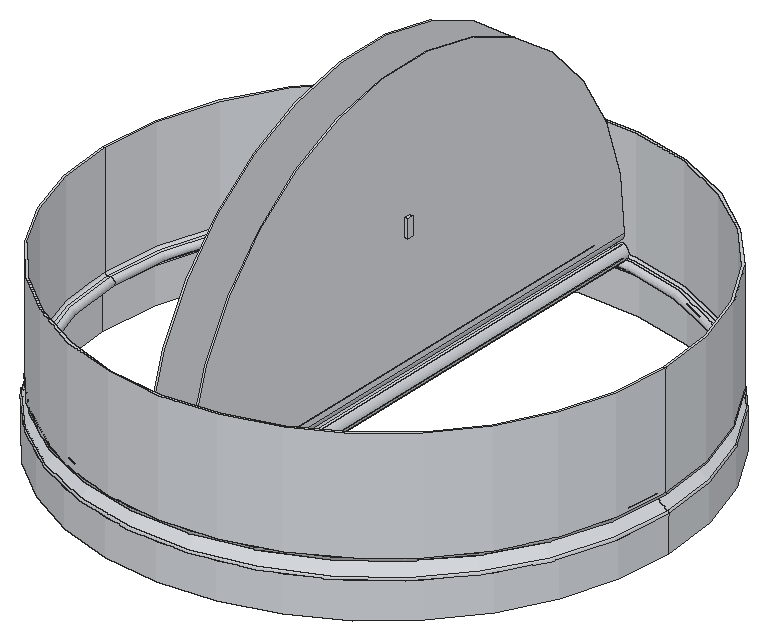
Revit family "C-RD", category Mechanical Equipment, Revit 2015
Parameters
  URL = "http://unitedenertech.com/catalog/pdf/P-92%20%20C-RD%20(-A).pdf-color.pdf"
  Type Comments = "Max. Size is (18\" Diameter)"
  Track Length [instance] = Exact Diameter - 0' 0 1/2"  # 0' - 11 1/2"
  Model = "C-RD, C-RD-A"
  Manufacturer = "United Enertech Corporation"
  Height = 0' - 3 1/2"
  Exact Diameter = 1' - 0"
  Description = "Round Ceiling Damper"
  Blade Height [instance] = Exact Diameter / 2 + 0' 0 1/2"  # 0' - 6 1/2"
Reference planes (in)
  plane 1 "Center (Front/Back)": y = 0
  plane 2: z = 0
  plane 3 "Center (Left/Right)": x = 0
  plane 4: x = -6
  plane 5: x = 6
  plane 6: z = 3.5
  plane 7: y = -5.75
  plane 8: y = 5.75
Forms (in)
  Revolve 1, solid
    sketch origin (0, 0, 0) x (1, 0, 0) y (0, 0, 1)
      loop
        line (6, 0) -> (6, 0.75322)
        arc (6, 0.75322) -> (5.99391, 0.78384) -> (5.97657, 0.80979) r 0.08
        line (5.97657, 0.80979) -> (5.74318, 0.98318)
        arc (5.74318, 0.98318) -> (5.73343, 1.03222) -> (5.775, 1.06) r 0.045
        line (5.775, 1.06) -> (5.855, 1.06)
        arc (5.855, 1.06) -> (5.9151, 1.0849) -> (5.94, 1.145) r 0.085
        line (5.94, 1.145) -> (5.94, 3.5) -> (5.9, 3.5) -> (5.9, 1.145)
        arc (5.9, 1.145) -> (5.88682, 1.11318) -> (5.855, 1.1) r 0.045
        line (5.855, 1.1) -> (5.775, 1.1)
        arc (5.775, 1.1) -> (5.69647, 1.04753) -> (5.7149, 0.9549) r 0.085
        line (5.7149, 0.9549) -> (5.94828, 0.78151)
        arc (5.94828, 0.78151) -> (5.95696, 0.76853) -> (5.96, 0.75322) r 0.04
        line (5.96, 0.75322) -> (5.96, 0) -> (6, 0)
      axis (0, 3.5) -> (0, 0)
    angle from 0 to 360
Dimensions and locks (in)
  equal spacing: plane 4, plane 3 "Center (Left/Right)", plane 5
  "Exact Diameter": plane 4 to plane 5
  "Height": plane 6 to level
  equal spacing: plane 8, plane 1 "Center (Front/Back)", plane 7
  "Track Length": plane 8 to plane 7
  aligned and locked: level to plane 2
  aligned and locked: plane 5 to Revolve 1 sketch curve
  aligned and locked: plane 1 "Center (Front/Back)" to nested 1
  aligned and locked: plane 1 "Center (Front/Back)" to nested 2
Automatic sketch dimensions
  Revolve 1 sketch curve to Revolve 1 sketch curve = 0' - 0"  (x6)
  Revolve 1 sketch curve to plane 3 "Center (Left/Right)" = 0' - 0"
  level to Revolve 1 sketch curve = 0' - 0.9549"
  plane 5 to Revolve 1 sketch curve = 0' - 0.2851"
  level to Revolve 1 sketch curve = 0' - 0.98318"
  Revolve 1 sketch curve to Revolve 1 sketch curve = 0' - 0.02828"  (x3)
  Revolve 1 sketch curve to Revolve 1 sketch curve = 0' - 0.03182"  (x2)
  Revolve 1 sketch curve to Revolve 1 sketch curve = 0' - 0.08"
  Revolve 1 sketch curve to Revolve 1 sketch curve = 0' - 0.045"
  Revolve 1 sketch curve to Revolve 1 sketch curve = 0' - 0.2051"
  level to Revolve 1 sketch curve = 0' - 0.78151"
  Revolve 1 sketch curve to Revolve 1 sketch curve = 0' - 0 3/256"
  level to Revolve 1 sketch curve = 0' - 0"
  Revolve 1 sketch curve to Revolve 1 sketch curve = 0' - 2.355"
  Revolve 1 sketch curve to level = 0' - 4 245/256"
  level to Revolve 1 sketch curve = 0' - 8 203/256"
Nested families (in)
  nested 1: "CRD Track" at (1.0397, 0, 1.07164) x (0, -1, 0) z (0, 0, 1), type "CRD Track"
    with Track Length 0' - 11 1/2"
  nested 2: "CRD Blades" at (-0.38995, 0, 1.57164), type "CRD Blades"
    with Radius 0' - 5 3/4", H1 0' - 2 7/8", Blade Height 0' - 6 1/4", Blade Length 0' - 11 1/2"
  nested 3: "CRD Blades" at (0.38995, 0, 1.57164) x (-1, 0, 0) z (0, 0, 1), type "CRD Blades"
    with Radius 0' - 5 3/4", H1 0' - 2 7/8", Blade Height 0' - 6 1/4", Blade Length 0' - 11 1/2"
Definition of nested family "CRD Track"
  Parameters (values of type "CRD Track")
    Track Length = 2' - 0"
  Reference planes (in)
    plane 1 "Center (Front/Back)": y = 0
    plane 2: z = 0
    plane 3 "Center (Left/Right)": x = 0
    plane 4: x = -12
    plane 5: x = 12
    plane 6: x = -12.0359
    plane 7: x = 12.0359
    plane 8: z = 0.5
    plane 9: y = -0.7897
    plane 10: y = -1.2897
    plane 11: x = 11.5
    plane 12: x = -11.5
  Forms (in)
    Extrusion 1, solid
      sketch origin (0, 2.51089, -1.29923) x (0, 1, 0) y (0, 0, 1)
        loop
          arc (-3.55059, 1.29923) -> (-3.30873, 1.30598) -> (-3.06763, 1.32622) r 4.33445
          arc (-3.06763, 1.32622) -> (-3.03891, 1.3374) -> (-3.01954, 1.36136) r 0.06
          arc (-3.01954, 1.36136) -> (-3.0102, 1.49991) -> (-3.09301, 1.61139) r 0.2008
          arc (-3.09301, 1.61139) -> (-3.14853, 1.61336) -> (-3.18187, 1.56892) r 0.06
          line (-3.18187, 1.56892) -> (-3.20309, 1.43923) -> (-3.16839, 1.43355) -> (-3.14717, 1.56324)
          arc (-3.14717, 1.56324) -> (-3.13377, 1.58144) -> (-3.11117, 1.58126) r 0.02484
          arc (-3.11117, 1.58126) -> (-3.04188, 1.48234) -> (-3.05816, 1.36268) r 0.16564
          arc (-3.05816, 1.36268) -> (-3.30397, 1.34146) -> (-3.55059, 1.33438) r 4.2993
          arc (-3.55059, 1.33438) -> (-3.79721, 1.34146) -> (-4.04302, 1.36268) r 4.2993
          arc (-4.04302, 1.36268) -> (-4.0593, 1.48234) -> (-3.99001, 1.58126) r 0.16564
          arc (-3.99001, 1.58126) -> (-3.9674, 1.58144) -> (-3.95401, 1.56324) r 0.02484
          line (-3.95401, 1.56324) -> (-3.93278, 1.43355) -> (-3.89809, 1.43923) -> (-3.91931, 1.56892)
          arc (-3.91931, 1.56892) -> (-3.95265, 1.61336) -> (-4.00817, 1.61139) r 0.06
          arc (-4.00817, 1.61139) -> (-4.09098, 1.49991) -> (-4.08164, 1.36136) r 0.2008
          arc (-4.08164, 1.36136) -> (-4.06226, 1.3374) -> (-4.03355, 1.32622) r 0.06
          arc (-4.03355, 1.32622) -> (-3.79245, 1.30598) -> (-3.55059, 1.29923) r 4.33445
      from -12 to 12
    Extrusion 2, solid
      sketch origin (2.39415, 1.36935, 0) x (1, 0, 0) y (0, 1, 0)
        loop
          line (-14.43005, -2.65905) -> (-14.39415, -2.65905) -> (-14.39415, -2.15905) -> (-14.43005, -2.15905) -> (-14.43005, -2.65905)
      from 0 to 0.5
    Extrusion 3, solid
      sketch origin (-2.39415, 1.36935, 0) x (-1, 0, 0) y (0, -1, 0)
        loop
          line (-14.43005, 2.65905) -> (-14.43005, 2.15905) -> (-14.39415, 2.15905) -> (-14.39415, 2.65905) -> (-14.43005, 2.65905)
      from 0 to 0.5
    Extrusion 4, solid
      sketch origin (0, 0, 0) x (0, 1, 0) y (0, 0, 1)
        loop
          line (-0.7897, 0.5) -> (-1.2897, 0.5) -> (-1.2897, 0.4641) -> (-0.7897, 0.4641) -> (-0.7897, 0.5)
      from 11.5 to 12
    Extrusion 5, solid
      sketch origin (0, 0, 0) x (0, 1, 0) y (0, 0, -1)
        loop
          line (-0.7897, -0.5) -> (-0.7897, -0.4641) -> (-1.2897, -0.4641) -> (-1.2897, -0.5) -> (-0.7897, -0.5)
      from 11.5 to 12
  Dimensions and locks (in)
    equal spacing: plane 4, plane 3 "Center (Left/Right)", plane 5
    "Track Length": plane 4 to plane 5
    locked: plane 5 to plane 7 at 0.0359
    locked: plane 6 to plane 4 at 0.0359
    locked: plane 8 to level at 0.5
    locked: plane 11 to plane 5 at 0.5
    locked: plane 4 to plane 12 at 0.5
    aligned and locked: level to plane 2
    aligned and locked: plane 4 to Extrusion 1
    aligned and locked: plane 5 to Extrusion 1
    aligned and locked: Extrusion 2 to plane 4
    aligned and locked: Extrusion 3 to plane 5
    aligned and locked: plane 8 to Extrusion 2
    aligned and locked: plane 8 to Extrusion 3
    aligned and locked: plane 11 to Extrusion 4
    aligned and locked: plane 5 to Extrusion 4
    aligned and locked: plane 12 to Extrusion 5
    aligned and locked: plane 4 to Extrusion 5
  Automatic sketch dimensions
    Extrusion 1 sketch curve to Extrusion 1 sketch curve = 0' - 0"  (x23)
    Extrusion 1 sketch curve to level = 0' - 0"
    level to Extrusion 1 sketch curve = 0' - 0.08662"  (x2)
    Extrusion 1 sketch curve to plane 10 = 0' - 0.22627"
    Extrusion 1 sketch curve to plane 10 = 0' - 0.17794"
    Extrusion 1 sketch curve to Extrusion 1 sketch curve = 0' - 0.02452"  (x2)
    Extrusion 1 sketch curve to Extrusion 1 sketch curve = 0' - 0.09408"  (x2)
    Extrusion 1 sketch curve to Extrusion 1 sketch curve = 0' - 0.03469"  (x3)
    Extrusion 1 sketch curve to Extrusion 1 sketch curve = 0' - 0.03446"
    Extrusion 1 sketch curve to Extrusion 1 sketch curve = 0' - 0.00023"  (x2)
    Extrusion 1 sketch curve to plane 9 = 0' - 0 1/4"
    plane 9 to Extrusion 1 sketch curve = 0' - 0.0975"
    plane 9 to Extrusion 1 sketch curve = 0' - 0.11872"
    Extrusion 1 sketch curve to Extrusion 1 sketch curve = 0' - 0.04771"  (x2)
    Extrusion 1 sketch curve to Extrusion 1 sketch curve = 0' - 0.00568"  (x2)
    Extrusion 1 sketch curve to Extrusion 1 sketch curve = 0' - 0.00408"  (x2)
    Extrusion 1 sketch curve to Extrusion 1 sketch curve = 0' - 0.00401"  (x2)
    plane 8 to Extrusion 1 sketch curve = 0' - 3.83445"
    Extrusion 1 sketch curve to Extrusion 1 sketch curve = 0' - 0.01616"
    Extrusion 1 sketch curve to Extrusion 1 sketch curve = 0' - 0.01148"  (x2)
    Extrusion 1 sketch curve to Extrusion 1 sketch curve = 0' - 0.01817"
    Extrusion 2 sketch curve to plane 6 = 0' - 0"
    Extrusion 2 sketch curve to plane 4 = 0' - 0"
    Extrusion 2 sketch curve to plane 10 = 0' - 0"
    Extrusion 2 sketch curve to plane 9 = 0' - 0"
    Extrusion 3 sketch curve to plane 7 = 0' - 0"
    Extrusion 3 sketch curve to plane 5 = 0' - 0"
    Extrusion 3 sketch curve to plane 10 = 0' - 0"
    Extrusion 3 sketch curve to plane 9 = 0' - 0"
    Extrusion 4 sketch curve to plane 8 = 0' - 0"
    Extrusion 4 sketch curve to plane 10 = 0' - 0"
    Extrusion 4 sketch curve to plane 9 = 0' - 0"
    Extrusion 4 sketch curve to Extrusion 4 sketch curve = 0' - 0.0359"
    Extrusion 5 sketch curve to plane 8 = 0' - 0"
    Extrusion 5 sketch curve to plane 10 = 0' - 0"
    Extrusion 5 sketch curve to plane 9 = 0' - 0"
    Extrusion 5 sketch curve to Extrusion 5 sketch curve = 0' - 0.0359"
Definition of nested family "CRD Blades"
  Parameters (values of type "CRD Blades")
    Radius [instance] = Blade Length / 2  # 0' - 3"
    H1 [instance] = Blade Length / 4  # 0' - 1 1/2"
    Blade Length = 0' - 6"
    Blade Height [instance] = Blade Length / 2 + 0' 0 1/2"  # 0' - 3 1/2"
  Reference planes (in)
    plane 1 "Center (Front/Back)": y = 0
    plane 2: z = 0
    plane 3 "Center (Left/Right)": x = 0
    plane 4: y = -3
    plane 5: y = 3
    plane 6: z = 0.5
    plane 7: y = 3.75
    plane 8: y = -3.75
    plane 9: x = 0.81286
    plane 10: x = 0.84804
    plane 11: z = 1.5
  Forms (in)
    Extrusion 1, solid
      sketch origin (-0.91968, 0, -0.94057) x (1, 0, 0) y (0, 0, 1)
        loop
          line (1.76265, 0.53586) -> (1.76265, 0.67432) -> (1.72749, 0.67432) -> (1.72749, 0.53586)
          arc (1.72749, 0.53586) -> (1.7164, 0.49959) -> (1.68692, 0.47573) r 0.06484
          line (1.68692, 0.47573) -> (1.59351, 0.47573)
          arc (1.59351, 0.47573) -> (1.46899, 0.65557) -> (1.63265, 0.8007) r 0.16484
          arc (1.63265, 0.8007) -> (1.72987, 0.84197) -> (1.76772, 0.94057) r 0.13516
          line (1.76772, 0.94057) -> (1.73254, 0.94057)
          arc (1.73254, 0.94057) -> (1.70501, 0.86683) -> (1.63265, 0.83586) r 0.1
          arc (1.63265, 0.83586) -> (1.43383, 0.65757) -> (1.58948, 0.44057) r 0.2
          line (1.58948, 0.44057) -> (1.69299, 0.44057)
          arc (1.69299, 0.44057) -> (1.74338, 0.47684) -> (1.76265, 0.53586) r 0.1
      from -3 to 3
    Revolve 2, solid
      sketch origin (0, 0, 0) x (1, 0, 0) y (0, 1, 0)
        loop
          line (0.81286, 3) -> (0.81286, 0) -> (0.84804, 0) -> (0.84804, 3) -> (0.81286, 3)
        axis (0.81286, 0) -> (0.85223, 0)
      angle from 180 to 360
    Extrusion 3, solid
      sketch origin (0, -1.06356, 1.80332) x (0, 1, 0) y (0, 0, 1)
        loop
          line (1.12606, -0.30332) -> (1.00106, -0.30332) -> (1.00106, -0.67832) -> (1.12606, -0.67832) -> (1.12606, -0.30332)
      from 0.84297 to 0.93131
  Dimensions and locks (in)
    equal spacing: plane 5, plane 1 "Center (Front/Back)", plane 4
    "Blade Length": plane 5 to plane 4
    locked: plane 6 to level at 0.5
    locked: plane 4 to plane 8 at 0.75
    locked: plane 7 to plane 5 at 0.75
    "H1": plane 11 to level
    aligned and locked: level to plane 2
    aligned and locked: plane 5 to Extrusion 1
    aligned and locked: Extrusion 1 to plane 4
    aligned and locked: Revolve 2 sketch curve to plane 9
    aligned and locked: Revolve 2 sketch curve to plane 5
    aligned and locked: plane 10 to Revolve 2 sketch curve
    aligned and locked: Revolve 2 sketch curve to plane 1 "Center (Front/Back)"
    aligned and locked: plane 11 to Extrusion 3
  Automatic sketch dimensions
    Extrusion 1 sketch curve to Extrusion 1 sketch curve = 0' - 0"  (x5)
    Extrusion 1 sketch curve to level = 0' - 0 1/2"
    plane 3 "Center (Left/Right)" to Extrusion 1 sketch curve = 0' - 0.6698"
    Extrusion 1 sketch curve to Extrusion 1 sketch curve = 0' - 0.00403"
    Extrusion 1 sketch curve to Extrusion 1 sketch curve = 0' - 0.03914"
    Extrusion 1 sketch curve to Extrusion 1 sketch curve = 0' - 0.06914"
    Extrusion 1 sketch curve to Extrusion 1 sketch curve = 0' - 0.02427"
    Extrusion 1 sketch curve to Extrusion 1 sketch curve = 0' - 0.00607"
    Extrusion 1 sketch curve to Extrusion 1 sketch curve = 0' - 0.09484"
    Extrusion 1 sketch curve to Extrusion 1 sketch curve = 0' - 0 9/256"
    Extrusion 1 sketch curve to Extrusion 1 sketch curve = 0' - 0.1"  (x2)
    Extrusion 1 sketch curve to Extrusion 1 sketch curve = 0' - 0.03847"
    Extrusion 1 sketch curve to Extrusion 1 sketch curve = 0' - 0.09989"
    Extrusion 1 sketch curve to Extrusion 1 sketch curve = 0' - 0.03519"
    plane 1 "Center (Front/Back)" to Revolve 2 sketch curve = 0' - 0"
    Revolve 2 sketch curve to plane 3 "Center (Left/Right)" = 0' - 4.43714"
    Revolve 2 sketch curve to plane 10 = 0' - 9.71481"
    Extrusion 1 sketch curve to level = 0' - 0"
    plane 1 "Center (Front/Back)" to Extrusion 3 sketch curve = 0' - 0 1/16"
    plane 6 to Extrusion 3 sketch curve = 0' - 0 5/8"
    Extrusion 3 sketch curve to Extrusion 3 sketch curve = 0' - 0 3/8"
    Extrusion 3 sketch curve to Extrusion 3 sketch curve = 0' - 0 1/8"
